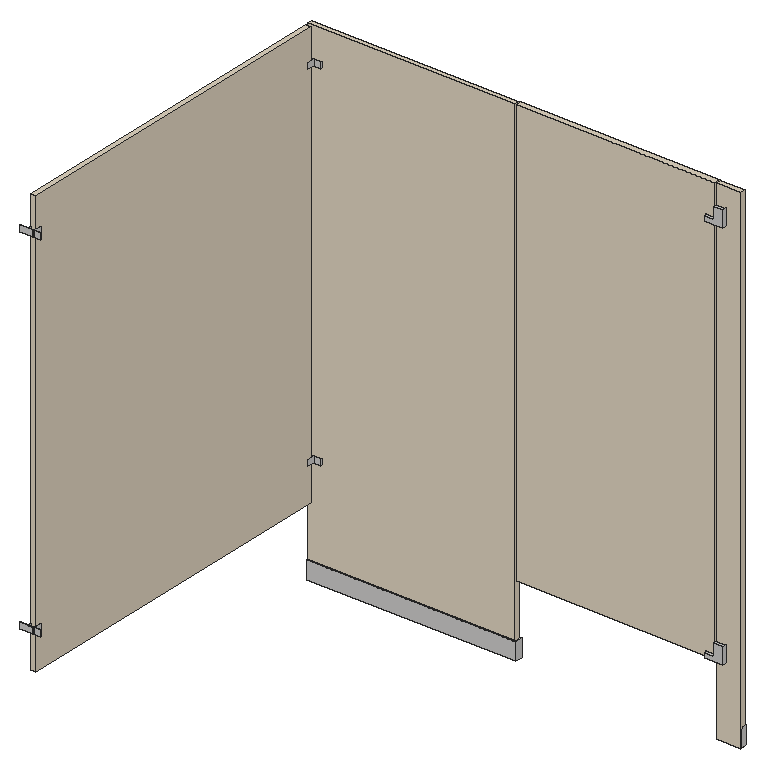
Revit family
Parameters (values of type "ADA Partition as Specified in 10 21 13")
  topoffset = 0' - 0 1/4"
  strkhdwr [instance] = not(or((End Panel_Strike Side), (Terminates at Wall_Strike Side)))  # no
  hngpnlconstrain [instance] = if((Terminates at Wall_Hinge Side), (Front Panel Width_Hinge Side - Reveal Clearance), (if((End Panel_Hinge Side), (Front Panel Width_Hinge Side + Panel Thickness + 0' 0 1/8"), (Front Panel Width_Hinge Side))))  # 0' - 4"
  hngpnl2 [instance] = if((Terminates at Wall_Strike Side), (Panel Thickness - Reveal Clearance - 0' 0 1/8"), (if((End Panel_Strike Side), (Panel Thickness + 0' 0 1/8"), (Panel Thickness))))  # 0' - 1"
  capoffset = 0' - 0"
  Warranty Duration (Years) = 0
  URL = "www.ironwood-mfg.com"
  Type Comments = "Toilet Partition"
  Terminates at Wall_Strike Side [instance] = no
  Terminates at Wall_Hinge Side [instance] = no
  Stile Thickness = 0' - 0 7/8"
  Stall Width = 6' - 0"
  Stall Depth [instance] = 5' - 0"
  Pilaster Height = 7' - 0"
  Panel Thickness = 0' - 0 7/8"
  Outswing Door = yes
  Inswing Door = not(Outswing Door)  # no
  End Panel_Strike Side [instance] = not(Terminates at Wall_Strike Side)  # yes
  Front Panel Width_Strike Side = Stall Width - Door Width - Front Panel Width_Hinge Side  # 2' - 10"
  Specification = "http://www.arcat.com/sd/clients/ironwood.html?coid=45050"
  SpecWizard = "http://www.arcat.com/specwizard/10155iro/index.htm?coid=45050&mf=\r\n"
  Send Message = "http://admin.arcat.com/users.pl?action=UserEmail&company=Ironwood%20Manufacturing%20-%20Toilet%20Compartments&coid=45050&rep=133&fax=360-862-8413&mf="
  Sales Information = "http://www.ironwood-mfg.com/contact.aspx\r\n"
  Revision = "R1_09/2009"
  Reveal Clearance = 0' - 0 1/2"
  Product Properties = "http://www.arcat.com/bim/bim_info.pl?fn=Toilet-Partition_Ironwood_Ceiling-Hung\r\n"
  Product Data = "http://www.arcat.com/arcatcos/cos45/arc45050.html\r\n"
  Panel Material [instance] = Ironwood Cascade HPL - Almond - 920
  Model = ""
  Manufacturer's Notes = ""
  Manufacturer Website = "http://www.ironwood-mfg.com/"
  Manufacturer Phone = "360-568-1823\r\n"
  Manufacturer Fax = "360-862-8413"
  Manufacturer Address = "1102 Bonneville Ave.; Snohomish; WA 98290"
  Manufacturer = "Ironwood Manufacturing"
  Maintenance Schedule (Months) = 0
  Keynote = "10 21 13"
  Installation-Fabrication = ""
  Installation Phase = ""
  End Panel_Hinge Side [instance] = no
  Front Panel Width_Hinge Side = 0' - 4"
  Hardware Finish [instance] = Stainless Steel - Type 304 #4 Brushed Finish
  Expected Lifespan (Years) = 0
  Drawn By = "Robert S. Weygant, CSI, CDT, SCIP"  # constant formula
  Door Width = 2' - 10"
  Door Thickness = 0' - 0 7/8"
  Door Height = Pilaster Height - Distance from Floor to Panel  # 6' - 0"
  Distance from Floor to Panel = 1' - 0"
  Copyright = "2009, ARCAT, Inc."  # constant formula
  Description = "Ceiling Hung Toilet Partition as Specified in 10 21 13"
  Brackets_Vertical = 2
  Assembly Code = "C1010400"
Types (2): name | hngpnlconstrain | capoffset | Stall Width | Stall Depth | Front Panel Width_Strike Side | Product Properties | End Panel_Hinge Side | Front Panel Width_Hinge Side | Door Width
  Standard Partition as Specified in 10 21 13 | 0' - 7" | 0' - 0 1/4" | 3' - 0" | 6' - 0" | 0' - 6" | "http://www.arcat.com/bim/bim_info.pl?fn=Toilet-Partition_Ironwood_Baker\r\n" | yes | 0' - 6" | 2' - 0"
  ADA Partition as Specified in 10 21 13 | 0' - 4" | 0' - 0" | 6' - 0" | 5' - 0" | 2' - 10" | "http://www.arcat.com/bim/bim_info.pl?fn=Toilet-Partition_Ironwood_Ceiling-Hung\r\n" | no | 0' - 4" | 2' - 10"
Reference planes (in)
  plane 1: y = 26.56271
  plane 2 "Center (Left/Right)": x = 26.6528
  plane 3 "Left": x = 62.6528
  plane 4: x = -9.3472
  plane 5: y = 91.68771
  plane 6 "Back": y = 32.56271
  plane 7 "Right": x = -10.2222
  plane 8 "Front": y = 92.56271
  plane 9 "Bottom of panel": z = 12
  plane 10 "Top of panel": z = 84
  plane 11: x = 24.6528
  plane 12: x = 58.6528
  plane 13 "Bottom Bracket": z = 18
  plane 14 "Top Bracket": z = 78
  plane 15 "Top Hinge": z = 80.75
  plane 16: y = 91.18771
  plane 17: y = 33.06271
  plane 18: z = 0
  plane 19: x = -10.3472
Forms (in)
  Extrusion 1, solid, material "Ironwood Cascade HPL - Almond - 920" <- "Panel Material"
    sketch origin (0, 0, 0) x (1, 0, 0) y (0, 1, 0)
      loop
        line (-10.3472, 92.56271) -> (-10.3472, 91.68771) -> (24.6528, 91.68771) -> (24.6528, 92.56271) -> (-10.3472, 92.56271)
    from 0 to 84
  Extrusion 2, solid, material "Stainless Steel - Type 304 #4 Brushed Finish" <- "Hardware Finish", detail levels medium+fine
    sketch origin (0, 92.56271, 0) x (-1, 0, 0) y (0, 0, 1)
      loop
        line (-23.1528, 39.97704) -> (-23.1528, 42.02296) -> (-25.6528, 42.02296) -> (-25.6528, 39.97704) -> (-23.1528, 39.97704)
    from 0 to 0.25
  Extrusion 3, solid, material "Ironwood Cascade HPL - Almond - 920" <- "Panel Material"
    sketch origin (0, 0, 0) x (1, 0, 0) y (0, 1, 0)
      loop
        line (58.6528, 92.56271) -> (58.6528, 91.68771) -> (62.6528, 91.68771) -> (62.6528, 92.56271) -> (58.6528, 92.56271)
    from 0 to 84
  Extrusion 4, solid, material "Ironwood Cascade HPL - Almond - 920" <- "Panel Material", visible <- "End Panel_Hinge Side"
    sketch origin (0, 0, 0) x (1, 0, 0) y (0, 1, 0)
      loop
        line (62.6528, 33.06271) -> (63.5278, 33.06271) -> (63.5278, 91.18771) -> (62.6528, 91.18771) -> (62.6528, 33.06271)
    from 12 to 84
  Extrusion 5, solid, material "Ironwood Cascade HPL - Almond - 920" <- "Panel Material", visible <- "End Panel_Strike Side"
    sketch origin (0, 0, 0) x (1, 0, 0) y (0, 1, 0)
      loop
        line (-10.2222, 33.06271) -> (-9.3472, 33.06271) -> (-9.3472, 91.18771) -> (-10.2222, 91.18771) -> (-10.2222, 33.06271)
    from 12 to 84
  Extrusion 6, solid, material "Stainless Steel - Type 304 #4 Brushed Finish" <- "Hardware Finish", detail levels fine
    sketch origin (0, 92.56271, 0) x (-1, 0, 0) y (0, 0, 1)
      loop
        line (-58.6528, 80.75) -> (-60.1528, 80.75) -> (-60.1528, 78) -> (-58.6528, 78) -> (-57.1528, 78) -> (-57.1528, 78.75) -> (-58.6528, 78.75) -> (-58.6528, 80.75)
    from -1.49944 to 0.25
  Extrusion 7, solid, material "Stainless Steel - Type 304 #4 Brushed Finish" <- "Hardware Finish", detail levels fine
    sketch origin (0, 92.56271, -52) x (-1, 0, 0) y (0, 0, 1)
      loop
        line (-58.6528, 66.75) -> (-60.1528, 66.75) -> (-60.1528, 64) -> (-57.1528, 64) -> (-57.1528, 64.75) -> (-58.6528, 64.75) -> (-58.6528, 66.75)
    from -1.49944 to 0.25
  Extrusion 8, solid, material "Ironwood Cascade HPL - Almond - 920" <- "Panel Material"
    sketch origin (0, 92.56271, 0) x (-1, 0, 0) y (0, 0, 1)
      loop
        line (-56.9028, 12) -> (-24.9028, 12) -> (-24.9028, 84) -> (-58.4028, 84) -> (-58.4028, 78.75) -> (-56.9028, 78.75) -> (-56.9028, 77.9223) -> (-58.4028, 77.9223) -> (-58.4028, 12.75) -> (-56.9028, 12.75) -> (-56.9028, 12)
    from -0.875 to 0
  Extrusion 9, solid, material "Stainless Steel - Type 304 #4 Brushed Finish" <- "Hardware Finish", detail levels fine
    sketch origin (0, 92.56271, 78) x (-1, 0, 0) y (0, 0, 1)
      loop
        line (-24.9028, -78) -> (10.3472, -78) -> (10.3472, -75) -> (-24.9028, -75) -> (-24.9028, -78)
    from -1.12268 to 0.24505
  Extrusion 10, solid, material "Stainless Steel - Type 304 #4 Brushed Finish" <- "Hardware Finish", detail levels fine
    sketch origin (0, 92.56271, 79) x (-1, 0, 0) y (0, 0, 1)
      loop
        line (-62.6528, -79) -> (-58.4028, -79) -> (-58.4028, -76) -> (-62.6528, -76) -> (-62.6528, -79)
    from -0.62556 to 0.25923
Lines and regions (in)
  symbolic lines
    curve 1: line (62.77045, 0, 84) -> (24.6528, 0, 48)
    curve 2: line (24.6528, 0, 48) -> (58.6528, 0, 12)
    curve 3: line (-9.3472, 32.56271, 0) -> (-10.2222, 32.56271, 0)
  symbolic lines, visible <- "Inswing Door"
    curve 4: line (58.6528, 91.68771, 0) -> (58.6528, 57.68771, 0)
    curve 5: line (58.6528, 57.68771, 0) -> (57.7778, 57.68771, 0)
    curve 6: line (57.7778, 57.68771, 0) -> (57.7778, 91.68771, 0)
    curve 7: line (57.7778, 91.68771, 0) -> (58.6528, 91.68771, 0)
  symbolic lines, style "Toilet Accessories-Dashed", visible <- "Inswing Door"
    curve 8: arc (24.6528, 91.68771, 0) -> (34.61117, 67.64607, 0) -> (58.6528, 57.68771, 0) r 34
  symbolic lines, visible <- "Outswing Door"
    curve 9: line (58.6528, 92.56008, 0) -> (58.6528, 126.56008, 0)
    curve 10: line (58.6528, 126.56008, 0) -> (57.7778, 126.56008, 0)
    curve 11: line (57.7778, 126.56008, 0) -> (57.7778, 92.56008, 0)
    curve 12: line (57.7778, 92.56008, 0) -> (58.6528, 92.56008, 0)
  symbolic lines, style "Toilet Accessories-Dashed", visible <- "Outswing Door"
    curve 13: arc (24.6528, 92.56008, 0) -> (34.61117, 116.60171, 0) -> (58.6528, 126.56008, 0) r 34
Text (in)
  text "Placement Side" at (0, 40.15149, 123.01588), in view "Right"
  text "Placement Side" at (-71.13158, 43.3951, 0), in view "Floor Line"
  text "Placement Side" at (0, 65.23256, 117.93067), in view "Left"
Dimensions and locks (in)
  "Stall Width": plane 4 to plane 3 "Left"
  "Door Height": plane 9 "Bottom of panel" to plane 10 "Top of panel"
  "Distance from Floor to Panel": host wall to plane 9 "Bottom of panel"
  equal spacing: plane 9 "Bottom of panel", curve 2, plane 10 "Top of panel"
  "Panel Thickness": plane 7 "Right" to plane 4
  "Panel Thickness": plane 3 "Left" to Extrusion 4 sketch curve
  locked: Extrusion 6 sketch curve to plane 12 at 1.5  (x2)
  locked: plane 9 "Bottom of panel" to Extrusion 7 sketch curve at 2.75
  locked: Extrusion 7 sketch curve to plane 12 at 1.5
  locked: plane 12 to Extrusion 7 sketch curve at 1.5
  locked: plane 12 to Extrusion 8 sketch curve at 0.25
  locked: plane 11 to Extrusion 8 sketch curve at 0.25
  locked: Extrusion 2 sketch curve to plane 11 at 1.5
  "Front Panel Width_Hinge Side": plane 12 to plane 3 "Left"
  "Door Width": plane 11 to plane 12
  locked: Extrusion 9 sketch curve to plane 11 at 0.25
  locked: Extrusion 10 sketch curve to plane 12 at 0.25
  equal spacing: plane 4, plane 2 "Center (Left/Right)", plane 3 "Left"
  locked: Extrusion 9 to plane 8 "Front" at 0.24505
  locked: Extrusion 9 to plane 5 at 0.24768
  "Door Thickness": curve 6 to plane 12
  group 1 to group 2 = 0' - 0"
  group 2 to group 1 = 0' - 0"
  group 1 to group 2 = 5' - 0"
  locked: plane 14 "Top Bracket" to plane 15 "Top Hinge" at 2.75
  locked: plane 14 "Top Bracket" to plane 10 "Top of panel" at 6
  locked: plane 9 "Bottom of panel" to plane 13 "Bottom Bracket" at 6
  "Reveal Clearance": plane 16 to plane 5
  "Reveal Clearance": plane 17 to plane 6 "Back"
  group 3 to group 4 = 0' - 0"
  group 4 to group 3 = 0' - 0"
  group 3 to group 4 = 5' - 0"
  Extrusion 10 to Extrusion 3 = 0' - 0.25923"
  Extrusion 3 to Extrusion 10 = 0' - 0.24944"
  locked: Extrusion 10 to Extrusion 3 at 0.25
  "Stile Thickness": plane 8 "Front" to plane 5
  "capoffset": Extrusion 3 to Extrusion 10
  "hngpnlconstrain": Extrusion 3 sketch curve to Extrusion 3 sketch curve
  "capoffset": Extrusion 9 to Extrusion 1
  group 5 to group 6 = 0' - 0"  (x2)
  group 5 to group 6 = 5' - 0"
  group 7 to group 8 = 0' - 0"
  group 8 to group 7 = 0' - 0"
  group 7 to group 8 = 5' - 0"
  group 9 to group 10 = 0' - 0"
  group 10 to group 9 = 0' - 0"
  group 9 to group 10 = 5' - 0"
  Extrusion 4 to Extrusion 10 sketch curve = 0' - 0 7/8"
  "hngpnl2": plane 19 to plane 4
  group 11 to group 12 = 0' - 0"
  group 12 to group 11 = 0' - 0"
  group 11 to group 12 = 5' - 0"
  "Stall Depth": plane 8 "Front" to plane 6 "Back"
  group 13 to group 14 = 0' - 0"  (x2)
  group 13 to group 14 = 5' - 0"
  locked: Extrusion 10 sketch curve to Extrusion 10 sketch curve at 3
  locked: Extrusion 9 sketch curve to Extrusion 9 sketch curve at 3
  "Door Thickness": Extrusion 8 to Extrusion 8
  aligned and locked: Extrusion 1 sketch curve to plane 8 "Front"
  aligned and locked: Extrusion 1 sketch curve to plane 5
  aligned and locked: Extrusion 1 sketch curve to plane 11
  aligned and locked: Extrusion 2 to plane 8 "Front"
  aligned and locked: plane 12 to Extrusion 3 sketch curve
  aligned and locked: plane 3 "Left" to Extrusion 4 sketch curve
  aligned and locked: plane 9 "Bottom of panel" to Extrusion 4
  aligned and locked: Extrusion 5 to plane 10 "Top of panel"
  aligned and locked: Extrusion 5 to plane 9 "Bottom of panel"
  aligned and locked: plane 15 "Top Hinge" to Extrusion 6 sketch curve
  aligned and locked: plane 14 "Top Bracket" to Extrusion 6 sketch curve
  aligned and locked: Extrusion 6 sketch curve to plane 12
  aligned and locked: plane 9 "Bottom of panel" to Extrusion 7 sketch curve
  aligned and locked: Extrusion 7 sketch curve to plane 12
  aligned and locked: Extrusion 7 to Extrusion 8 sketch curve
  aligned and locked: plane 10 "Top of panel" to Extrusion 8 sketch curve
  aligned and locked: curve 4 to plane 12
  aligned and locked: plane 8 "Front" to Extrusion 8
  aligned and locked: plane 7 "Right" to nested 1
  aligned and locked: nested 1 to plane 5  (x4)
  aligned and locked: plane 13 "Bottom Bracket" to nested 1
  aligned and locked: plane 14 "Top Bracket" to nested 2
  aligned and locked: plane 7 "Right" to nested 2
  aligned and locked: plane 5 to nested 1
  aligned and locked: plane 16 to Extrusion 5 sketch curve
  aligned and locked: Extrusion 5 sketch curve to plane 17
  aligned and locked: Extrusion 4 sketch curve to plane 17
  aligned and locked: plane 16 to Extrusion 4 sketch curve
  aligned and locked: nested 3 to plane 5  (x2)
  aligned and locked: nested 3 to plane 3 "Left"
  aligned and locked: nested 3 to plane 13 "Bottom Bracket"
  aligned and locked: nested 4 to plane 14 "Top Bracket"
  aligned and locked: plane 5 to nested 3
  aligned and locked: plane 3 "Left" to nested 3
  aligned and locked: Extrusion 4 to plane 10 "Top of panel"
  aligned and locked: nested 5 to plane 4  (x3)
  aligned and locked: plane 6 "Back" to nested 5
  aligned and locked: nested 6 to plane 3 "Left"
  aligned and locked: nested 6 to plane 6 "Back"  (x4)
  aligned and locked: nested 6 to plane 13 "Bottom Bracket"
  aligned and locked: plane 13 "Bottom Bracket" to nested 5
  aligned and locked: nested 7 to plane 14 "Top Bracket"
  aligned and locked: nested 7 to plane 3 "Left"
  aligned and locked: plane 6 "Back" to nested 6
  aligned and locked: nested 5 to plane 6 "Back"  (x4)
  aligned and locked: nested 8 to plane 3 "Left"
  aligned and locked: nested 8 to plane 8 "Front"  (x3)
  aligned and locked: plane 13 "Bottom Bracket" to nested 8
  aligned and locked: plane 14 "Top Bracket" to nested 9
  aligned and locked: nested 9 to plane 3 "Left"
  aligned and locked: plane 3 "Left" to nested 8
  aligned and locked: plane 7 "Right" to nested 5  (x2)
  aligned and locked: nested 7 to plane 6 "Back"
  aligned and locked: plane 6 "Back" to nested 7
  aligned and locked: plane 14 "Top Bracket" to nested 10
  aligned and locked: nested 10 to plane 4
  aligned and locked: plane 18 to level
  aligned and locked: Extrusion 1 to plane 19
  aligned and locked: plane 8 "Front" to nested 11  (x2)
  aligned and locked: nested 11 to plane 7 "Right"
  aligned and locked: nested 11 to plane 13 "Bottom Bracket"
  aligned and locked: nested 12 to plane 14 "Top Bracket"
  aligned and locked: nested 12 to plane 7 "Right"
  aligned and locked: nested 11 to plane 8 "Front"
  aligned and locked: host wall to plane 6 "Back"
  aligned and locked: plane 5 to nested 13
  aligned and locked: nested 13 to plane 5  (x2)
  aligned and locked: plane 13 "Bottom Bracket" to nested 13  (x2)
  aligned and locked: nested 13 to plane 13 "Bottom Bracket"
  aligned and locked: plane 7 "Right" to nested 13
  aligned and locked: plane 14 "Top Bracket" to nested 14  (x2)
  aligned and locked: nested 14 to plane 14 "Top Bracket"
  aligned and locked: plane 7 "Right" to nested 14
  aligned and locked: plane 5 to nested 14
  aligned and locked: plane 18 to Extrusion 1
  aligned and locked: plane 18 to Extrusion 3
  aligned and locked: plane 18 to Extrusion 10 sketch curve
  aligned and locked: plane 18 to Extrusion 9 sketch curve
  aligned and locked: Extrusion 3 to plane 10 "Top of panel"
  aligned and locked: Extrusion 1 to plane 10 "Top of panel"
  aligned and locked: plane 6 "Back" to nested 10
  aligned and locked: plane 5 to nested 2
  aligned and locked: plane 5 to nested 12
  aligned and locked: nested 4 to plane 5
  aligned and locked: nested 9 to plane 5
  aligned and locked: nested 4 to plane 3 "Left"
  aligned and locked: plane 5 to Extrusion 3
  aligned and locked: plane 8 "Front" to Extrusion 3
Automatic sketch dimensions
  plane 11 to Extrusion 2 sketch curve = 0' - 1"
  plane 13 "Bottom Bracket" to Extrusion 2 sketch curve = 1' - 9.97704"
  Extrusion 2 sketch curve to Extrusion 2 sketch curve = 0' - 2.04593"
  curve 3 to host wall = 0' - 0"
  curve 3 to plane 7 "Right" = 0' - 0"
  curve 3 to plane 4 = 0' - 0"
  curve 1 to plane 10 "Top of panel" = 0' - 0"
  curve 2 to plane 9 "Bottom of panel" = 0' - 0"
  curve 1 to plane 11 = 0' - 0"
  curve 2 to plane 12 = 0' - 0"
  Extrusion 1 sketch curve to plane 19 = 0' - 0"
  Extrusion 5 sketch curve to plane 7 "Right" = 0' - 0"
  Extrusion 5 sketch curve to plane 4 = 0' - 0"
  Extrusion 6 sketch curve to plane 12 = 0' - 0"
  plane 14 "Top Bracket" to Extrusion 6 sketch curve = 0' - 0 3/4"
  Extrusion 7 sketch curve to plane 9 "Bottom of panel" = 0' - 0 3/4"
  Extrusion 8 sketch curve to plane 12 = 0' - 0 1/4"
  Extrusion 8 sketch curve to plane 9 "Bottom of panel" = 0' - 0 3/4"
  Extrusion 8 sketch curve to Extrusion 8 sketch curve = 0' - 1 1/2"  (x2)
  Extrusion 8 sketch curve to plane 14 "Top Bracket" = 0' - 0.0777"
  plane 14 "Top Bracket" to Extrusion 8 sketch curve = 0' - 0 3/4"
  curve 13 to plane 11 = 0' - 0"
  curve 8 to plane 5 = 0' - 0"
  curve 8 to plane 11 = 0' - 0"
  curve 9 to plane 12 = 0' - 0"
  curve 6 to plane 5 = 0' - 0"
  curve 12 to plane 8 "Front" = 0' - 0.00262"
  curve 12 to curve 6 = 0' - 0"
  curve 13 to plane 8 "Front" = 0' - 0.00262"
  Extrusion 9 sketch curve to plane 19 = 0' - 0"
  plane 16 to Extrusion 3 sketch curve = 0' - 0 1/2"
  Extrusion 3 sketch curve to Extrusion 3 sketch curve = 0' - 0 7/8"
Nested families (in)
  nested 1: "Mounting Bracket" at (-10.2222, 91.68771, 18), visible <- "strkhdwr", type "Common Mount"
  nested 2: "Mounting Bracket" at (-10.2222, 91.68771, 78), visible <- "strkhdwr", type "Common Mount"
  nested 3: "Mounting Bracket" at (63.5278, 91.68771, 18) x (-1, 0, 0) z (0, 0, 1), visible <- "End Panel_Hinge Side", type "End Mount"
  nested 4: "Mounting Bracket" at (63.5278, 91.68771, 78) x (-1, 0, 0) z (0, 0, 1), visible <- "End Panel_Hinge Side", type "End Mount"
  nested 5: "Mounting Bracket" at (-9.3472, 32.56271, 18) x (-1, 0, 0) z (0, 0, 1), visible <- "End Panel_Strike Side", type "Common Mount"
  nested 6: "Mounting Bracket" at (62.6528, 32.56271, 18), visible <- "End Panel_Hinge Side", type "Common Mount"
  nested 7: "Mounting Bracket" at (62.6528, 32.56271, 78), visible <- "End Panel_Hinge Side", type "Common Mount"
  nested 8: "Mounting Bracket" at (62.6528, 92.56271, 18) x (0, -1, 0) z (0, 0, 1), visible <- "Terminates at Wall_Hinge Side", type "End Mount"
  nested 9: "Mounting Bracket" at (62.6528, 92.56271, 78) x (0, -1, 0) z (0, 0, 1), visible <- "Terminates at Wall_Hinge Side", type "End Mount"
  nested 10: "Mounting Bracket" at (-9.3472, 32.56271, 78) x (-1, 0, 0) z (0, 0, 1), visible <- "End Panel_Strike Side", type "Common Mount"
  nested 11: "Mounting Bracket" at (-10.2222, 92.56271, 18) x (0, -1, 0) z (0, 0, 1), visible <- "Terminates at Wall_Strike Side", type "End Mount"
  nested 12: "Mounting Bracket" at (-10.2222, 92.56271, 78) x (0, -1, 0) z (0, 0, 1), visible <- "Terminates at Wall_Strike Side", type "End Mount"
  nested 13: "Mounting Bracket" at (-10.2222, 91.68771, 18), visible <- "End Panel_Strike Side", type "End Mount"
  nested 14: "Mounting Bracket" at (-10.2222, 91.68771, 78), visible <- "End Panel_Strike Side", type "End Mount"
Definition of nested family "Mounting Bracket"
  Parameters (values of type "Common Mount")
    panel thickness = 0' - 0 1/2"
    hdwr matl = none
    Surfmnt = yes
    Hdwr Height = 0' - 1"
    Assembly Code = ""
  Types (2): name | panel thickness | Surfmnt
    Common Mount | 0' - 0 1/2" | yes
    End Mount | 0' - 1" | no
  Reference planes (in)
    plane 1 "Center (Front/Back)": y = 0
    plane 2 "bottom": z = 0
    plane 3 "Center (Left/Right)": x = 0
    plane 4: y = -1.37133
    plane 5 "top": z = 1
    plane 6: y = -0.12324
  Forms (in)
    Extrusion 1, solid, material <- "hdwr matl"
      sketch origin (0, 0, 0) x (1, 0, 0) y (0, 1, 0)
        loop
          line (0, -1.37133) -> (0, -0.125) -> (0.5, -0.125) -> (0.5, -1.37133) -> (0.625, -1.37133) -> (0.625, -0.12324) -> (2.25, -0.12324) -> (2.25, 0) -> (-0.125, 0) -> (-0.125, -1.37133) -> (0, -1.37133)
      from 0 to 1
    Extrusion 2, solid, material <- "hdwr matl", visible <- "Surfmnt"
      sketch origin (0, 0, 0) x (1, 0, 0) y (0, 1, 0)
        loop
          line (0, 0) -> (-1.25, 0) -> (-1.25, -0.125) -> (0, -0.125) -> (0, 0)
      from 0 to 1
  Dimensions and locks (in)
    "panel thickness": Extrusion 1 sketch curve to Extrusion 1 sketch curve
    locked: Extrusion 1 sketch curve to Extrusion 1 sketch curve at 0.125  (x2)
    locked: plane 4 to plane 1 "Center (Front/Back)" at 1.37133
    locked: Extrusion 1 sketch curve to Extrusion 1 sketch curve at 2.375
    locked: Extrusion 2 sketch curve to Extrusion 2 sketch curve at 0.125
    locked: Extrusion 2 sketch curve to Extrusion 2 sketch curve at 1.25
    "Hdwr Height": plane 5 "top" to plane 2 "bottom"
    locked: plane 6 to plane 1 "Center (Front/Back)" at 0.12324
    "panel thickness": Extrusion 1 to Extrusion 1
    aligned and locked: plane 3 "Center (Left/Right)" to Extrusion 1 sketch curve
    aligned and locked: Extrusion 1 sketch curve to plane 1 "Center (Front/Back)"
    aligned and locked: Extrusion 1 sketch curve to plane 4  (x2)
    aligned and locked: Extrusion 2 sketch curve to plane 1 "Center (Front/Back)"
    aligned and locked: plane 3 "Center (Left/Right)" to Extrusion 2 sketch curve
    aligned and locked: plane 5 "top" to Extrusion 1
    aligned and locked: plane 5 "top" to Extrusion 2
    aligned and locked: Extrusion 1 to plane 2 "bottom"
    aligned and locked: Extrusion 2 to plane 2 "bottom"
  Automatic sketch dimensions
    plane 1 "Center (Front/Back)" to Extrusion 1 sketch curve = 0' - 0.12324"
    plane 1 "Center (Front/Back)" to Extrusion 1 sketch curve = 0' - 0 1/8"
